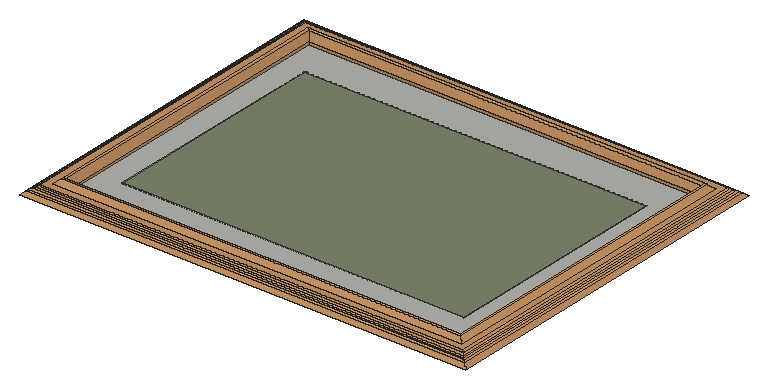
Revit family "a5d41e5c-c1ae-487e-bac8-09709aab9c0d", category Furniture, host Face, Revit 2016
Family settings
  Host = Face
  OmniClass Number = 23.40.95.00
  OmniClass Title = Furnishings, Ornaments, and Decoration
  Cut with Voids When Loaded = No
  Shared = No
  Room Calculation Point = No
Parameters (values of type "31" x 39"")
  Width = 39"
  URL = "http://besafeprod.com/"
  Type Image = <None>
  Type Comments = ""
  Product Page URL = "http://besafeprod.com/product-catalog/art-frames"
  Product Documentation Link = "http://besafeprod.com/images/art-fram_profile.jpg"
  Notes = "Images include watermark. For clean images, contact Behavorial Safety Products"  # constant formula
  Model = "AF550"  # constant formula
  Mat Finish = Paper-BSP-White Mat
  Manufacturer = "Behavioral Safety Products"  # constant formula
  Keynote = ""
  Image Width = 30"
  Image Height = 20"
  Height = 31"
  Front Protection Finish = Polycarbonate-BSP-Clear
  Frame Finish = Wood-BSP-Cherry
  Description = "Ligature Resistant Art Frame"  # constant formula
  Depth = 1 1/8"  # constant formula
  Default Elevation = 54"
  Assembly Code = ""
  Art Selection = Image-51 : 20x30
  Art Note = "Frame 37x31 uses 16x20 Image, Frame 31x39 uses 20x30 Image, Frame 35x45 uses 24x36 Image"  # constant formula
Types (4): name | Width | Image Width | Image Height | Height | Art Selection
  (no name) | 45" | 36" | 24" | 35" | Image-51 : 24x36
  35" x 45" | 45" | 36" | 24" | 35" | Image-51 : 24x36
  31" x 39" | 39" | 30" | 20" | 31" | Image-51 : 20x30
  27" x 31" | 31" | 20" | 16" | 27" | Image-51 : 16x20
Reference planes (in)
  plane 1 "Center (Front/Back)": y = 10.5
  plane 2: z = 0
  plane 3 "Center (Left/Right)": x = -9.5
  plane 4: x = -29
  plane 5: x = 10
  plane 6: y = -5
  plane 7: y = 26
  plane 8: x = -24.5
  plane 9: x = 5.5
  plane 10: y = 0.5
  plane 11: y = 20.5
Forms (in)
  Sweep 1, solid, material "Wood-BSP-Cherry" <- "Frame Finish", detail levels medium+fine
    path origin (0, 0, 0) x (1, 0, 0) y (0, 1, 0)
      loop
        line (-29, 26) -> (-29, -5) -> (10, -5) -> (10, 26) -> (-29, 26)
    profile "Art_Frame-Profile : Art_Frame-Profile" origin (-9.5, 26, 0) x (0, 1, 0) y (0, 0, 1)
      loop
        line (0, 0) -> (-0.25, 0.3125) -> (-0.41399, 0.4034)
        arc (-0.41399, 0.4034) -> (-0.51102, 0.42173) -> (-0.57798, 0.4943) r 0.15721
        line (-0.57798, 0.4943) -> (-0.68731, 0.5549)
        arc (-0.68731, 0.5549) -> (-0.78434, 0.57323) -> (-0.8513, 0.64581) r 0.15721
        line (-0.8513, 0.64581) -> (-1.01529, 0.73671) -> (-1.57779, 0.73671) -> (-2.00232, 1.09293)
        arc (-2.00232, 1.09293) -> (-2.12273, 1.12128) -> (-2.21715, 1.04135) r 0.13742
        line (-2.21715, 1.04135) -> (-2.5, 0.375) -> (-2.5, 0.1875) -> (-2.25, 0.1875) -> (-2.25, 0) -> (0, 0)
  Extrusion 2, solid, material "Wood-BSP-Cherry" <- "Frame Finish", detail levels coarse
    sketch origin (0, 0, 0) x (1, 0, 0) y (0, 1, 0)
      loop
        line (-29, 26) -> (-29, -5) -> (10, -5) -> (10, 26) -> (-29, 26)
      loop
        line (-26.5, 23.5) -> (-26.5, -2.5) -> (7.5, -2.5) -> (7.5, 23.5) -> (-26.5, 23.5)
    from 0 to 1.125
  Extrusion 3, solid, material "Wood-BSP-Cherry" <- "Frame Finish", detail levels medium+fine
    sketch origin (0, 0, 0) x (1, 0, 0) y (0, 1, 0)
      loop
        line (-26.75, 23.75) -> (-26.75, -2.75) -> (7.75, -2.75) -> (7.75, 23.75) -> (-26.75, 23.75)
    from 0 to 0.0625
  Extrusion 4, solid, material "Paper-BSP-White Mat" <- "Mat Finish", detail levels medium+fine
    sketch origin (0, 0, 0) x (1, 0, 0) y (0, 1, 0)
      loop
        line (-26.75, 23.75) -> (-26.75, -2.75) -> (7.75, -2.75) -> (7.75, 23.75) -> (-26.75, 23.75)
      loop
        line (-24.5, 20.5) -> (-24.5, 0.5) -> (5.5, 0.5) -> (5.5, 20.5) -> (-24.5, 20.5)
    from 0.0625 to 0.09375
  Extrusion 5, solid, material "Polycarbonate-BSP-Clear" <- "Front Protection Finish"
    sketch origin (0, 0, 0) x (1, 0, 0) y (0, 1, 0)
      loop
        line (-26.75, 23.75) -> (-26.75, -2.75) -> (7.75, -2.75) -> (7.75, 23.75) -> (-26.75, 23.75)
    from 0.09375 to 0.1875
Lines and regions (in)
  Masking region 1, detail levels medium
    outline origin (0, 10.5, 0) x (1, 0, 0) y (0, 0, 1)
      loop
        line (-29, 0) -> (10, 0) -> (10, 1.125) -> (-29, 1.125) -> (-29, 0)
  Masking region 2, detail levels fine
    outline origin (0, 10.5, 0) x (1, 0, 0) y (0, 0, 1)
      loop
        line (-28.75, 0.3125) -> (-29, 0) -> (10, 0) -> (9.75, 0.3125) -> (9.58601, 0.4034)
        arc (9.58601, 0.4034) -> (9.48898, 0.42173) -> (9.42202, 0.4943) r 0.15721
        line (9.42202, 0.4943) -> (9.31269, 0.5549)
        arc (9.31269, 0.5549) -> (9.21566, 0.57323) -> (9.1487, 0.64581) r 0.15721
        line (9.1487, 0.64581) -> (8.98471, 0.73671) -> (8.42221, 0.73671) -> (7.99768, 1.09293)
        arc (7.99768, 1.09293) -> (7.87727, 1.12128) -> (7.78285, 1.04135) r 0.13742
        line (7.78285, 1.04135) -> (7.65354, 0.73671) -> (-26.65354, 0.73671) -> (-26.78285, 1.04135)
        arc (-26.78285, 1.04135) -> (-26.87727, 1.12128) -> (-26.99768, 1.09293) r 0.13742
        line (-26.99768, 1.09293) -> (-27.42221, 0.73671) -> (-27.98471, 0.73671) -> (-28.1487, 0.64581)
        arc (-28.1487, 0.64581) -> (-28.21566, 0.57323) -> (-28.31269, 0.5549) r 0.15721
        line (-28.31269, 0.5549) -> (-28.42202, 0.4943)
        arc (-28.42202, 0.4943) -> (-28.48898, 0.42173) -> (-28.58601, 0.4034) r 0.15721
        line (-28.58601, 0.4034) -> (-28.75, 0.3125)
  symbolic lines, style "Art Frame-Course", detail levels coarse
    curve 1: line (10, 10.5, 1.125) -> (-29, 10.5, 1.125)
Dimensions and locks (in)
  equal spacing: plane 7, plane 1 "Center (Front/Back)", plane 6
  "Height": plane 7 to plane 6
  equal spacing: plane 4, plane 3 "Center (Left/Right)", plane 5
  "Width": plane 4 to plane 5
  "Depth": Extrusion 2 to Extrusion 2
  locked: Extrusion 3 to Extrusion 3 at 0.0625
  equal spacing: plane 11, plane 1 "Center (Front/Back)", plane 10
  "Image Height": plane 11 to plane 10
  equal spacing: plane 8, plane 3 "Center (Left/Right)", plane 9
  "Image Width": plane 8 to plane 9
  locked: Extrusion 4 to Extrusion 4 at 0.03125
  aligned and locked: plane 2 to host face
  aligned and locked: level to host face
  aligned and locked: Sweep 1 sketch curve to plane 7
  aligned and locked: plane 4 to Sweep 1 sketch curve
  aligned and locked: plane 6 to Sweep 1 sketch curve
  aligned and locked: Sweep 1 sketch curve to plane 5
  aligned and locked: Extrusion 2 sketch curve to Sweep 1  (x6)
  aligned and locked: plane 6 to Extrusion 2 sketch curve
  aligned and locked: Extrusion 2 sketch curve to plane 5
  aligned and locked: Extrusion 3 sketch curve to Sweep 1  (x4)
  aligned and locked: Extrusion 3 to level
  aligned and locked: Extrusion 4 sketch curve to Sweep 1  (x4)
  aligned and locked: Extrusion 4 sketch curve to plane 11
  aligned and locked: plane 10 to Extrusion 4 sketch curve
  aligned and locked: Extrusion 5 sketch curve to Sweep 1  (x4)
  aligned and locked: Extrusion 5 to Sweep 1
  aligned and locked: curve 1 to Extrusion 2
  aligned and locked: plane 4 to curve 1
  aligned and locked: plane 5 to curve 1
  aligned and locked: Masking region 1 sketch curve to Sweep 1
  aligned and locked: Masking region 1 sketch curve to Extrusion 2  (x3)
  aligned and locked: Masking region 2 sketch curve to Sweep 1  (x16)
  aligned and locked: Sweep 1 to Masking region 2 sketch curve  (x3)
  aligned and locked: host face to Masking region 2 sketch curve
  aligned and locked: plane 3 "Center (Left/Right)" to nested 1
  aligned and locked: plane 1 "Center (Front/Back)" to nested 1
  aligned and locked: Extrusion 4 to nested 1
Automatic sketch dimensions
  host sketch curve to host sketch curve = 96"  (x2)
  level to curve 1 = 1 1/8"
  Masking region 2 sketch curve to Masking region 2 sketch curve = 0.1265"
  Masking region 2 sketch curve to Masking region 2 sketch curve = 0.42453"
  level to Masking region 2 sketch curve = 1.04135"
  Masking region 2 sketch curve to Masking region 2 sketch curve = 0.08833"
  Masking region 2 sketch curve to Masking region 2 sketch curve = 0.12931"
  Masking region 2 sketch curve to Masking region 2 sketch curve = 0.35622"
  Extrusion 4 sketch curve to plane 8 = 0"
  Extrusion 4 sketch curve to plane 9 = 0"
  plane 4 to Extrusion 4 sketch curve = 2 1/4"
Nested families (in)
  nested 1: "Image-51" at (-9.5, 10.5, 0.0625), type <- "Art Selection", type "20x30"
Definition of nested family "Image-51"
  Parameters
    Width = 30"
    Image = none
    Height = 20"
  Reference planes (in)
    plane 1 "Center (Front/Back)": y = 0
    plane 2: z = 0
    plane 3 "Center (Left/Right)": x = 0
    plane 4: x = -15
    plane 5: x = 15
    plane 6: y = 10
    plane 7: y = -10
  Forms (in)
    Extrusion 1, solid, material <- "Image"
      sketch origin (0, 0, 0) x (1, 0, 0) y (0, 1, 0)
        loop
          line (-15, 10) -> (-15, -10) -> (15, -10) -> (15, 10) -> (-15, 10)
      from 0 to 0.03125
  Dimensions and locks (in)
    equal spacing: plane 6, plane 1 "Center (Front/Back)", plane 7
    "Height": plane 6 to plane 7
    equal spacing: plane 4, plane 3 "Center (Left/Right)", plane 5
    "Width": plane 4 to plane 5
    locked: Extrusion 1 to Extrusion 1 at 0.03125
    aligned and locked: plane 2 to level
    aligned and locked: Extrusion 1 sketch curve to plane 6
    aligned and locked: plane 4 to Extrusion 1 sketch curve
    aligned and locked: plane 7 to Extrusion 1 sketch curve
    aligned and locked: Extrusion 1 sketch curve to plane 5
